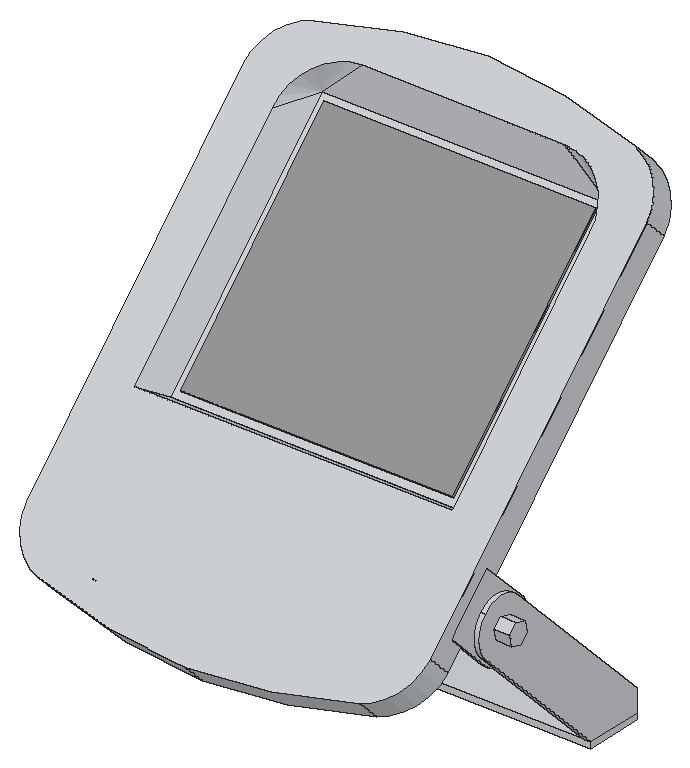
Revit family "0056714", category Generic Models, host Face, Revit 2018
Family settings
  Host = Face
  Can host rebar = No
  Round Connector Dimension = Use Diameter
  Part Type = Normal
  OmniClass Number = 23.80.70.00
  OmniClass Title = Lighting
  Cut with Voids When Loaded = No
  Shared = No
  Room Calculation Point = No
Parameters (values of type "Type Name")
  Width = 40 mm
  URL = "http://www.sylvania-lighting.com"
  Type Image = <None>
  Type Comments = "n/a"
  Material_3_SYL = none
  Model = ""
  Manufacturer = "Feilo Sylvania"
  Length = 313 mm
  Keynote = ""
  Material_2_SYL = none
  Description = ""
  Default Elevation = 1219.2 mm
  Cost = 0
  Material_1_SYL = none
  Assembly Code = ""
  Material_4_SYL = none
Reference planes
  plane 1 "Center (Front/Back)": y = 0
  plane 2: z = 0
  plane 3 "Center (Left/Right)": x = 0
  plane 4: y = 20
  plane 5: y = -20
  plane 6: x = -156.5
  plane 7: x = 156.5
  plane 8: y = 46
  plane 9: z = 200
  plane 10: through (0, -20, 4) normal (0, 0.7071, 0.7071)
  plane 11: through (0, 28.284, 12.284) normal (0, 0.7071, 0.7071)
  plane 12: z = 180
  plane 13: through (0, 7.834, 4.45) normal (0, 0.7071, 0.7071)
  plane 14: through (0, -70.356, 137.359) normal (0, -0.7071, 0.7071)
  plane 15: z = 126
  plane 16: z = 110
  plane 17: through (0, -97.716, 110) normal (0, -0.7071, 0.7071)
  plane 18: through (0, -86.18, 149.82) normal (0, -0.7071, 0.7071)
  plane 19: x = 141
  plane 20: x = -141
Forms (mm)
  Extrusion 1, solid, detail levels medium+fine
    sketch origin (0, 0, 0) x (1, 0, 0) y (0, 1, 0)
      loop
        line (-145, 20) -> (-145, -20) -> (145, -20) -> (145, 20) -> (-145, 20)
    from 0 to 4
  Extrusion 2, solid, detail levels medium+fine
    sketch origin (25.482, 1524, 1219.2) x (0, 1, 0) y (0, 0, 1)
      loop
        arc (-1607.574, -1095.058) -> (-1621.716, -1089.2) -> (-1635.858, -1095.058) r 20
        arc (-1635.858, -1095.058) -> (-1641.716, -1109.2) -> (-1635.858, -1123.342) r 20
        line (-1635.858, -1123.342) -> (-1544, -1215.2) -> (-1504, -1215.2) -> (-1504, -1198.631) -> (-1607.574, -1095.058)
    from -166.482 to -170.482
  Extrusion 3, solid, detail levels fine
    sketch origin (-37.5, 1594, 1149.2) x (0, 1, 0) y (0, 0, 1)
      loop
        line (-1686.059, -1033.543) -> (-1693.786, -1031.473) -> (-1699.443, -1037.129) -> (-1697.373, -1044.857) -> (-1689.645, -1046.927) -> (-1683.988, -1041.271) -> (-1686.059, -1033.543)
    from -119 to -107.5
  Revolve 4, solid, detail levels medium
    sketch origin (1528.249, -97.584, 1149.178) x (1, 0, 0) y (0, 0, 1)
      loop
        line (-1387.261, -1019.2) -> (-1389.823, -1019.2) -> (-1389.823, -1039.2) -> (-1387.261, -1039.2) -> (-1387.261, -1019.2)
      axis (-1389.823, -1039.2) -> (-1387.261, -1039.2)
    angle from 44.646 to 224.921
  Extrusion 5, solid, detail levels medium+fine
    sketch origin (319, 1524, 1219.2) x (0, 1, 0) y (0, 0, 1)
      loop
        arc (-1607.574, -1095.058) -> (-1621.716, -1089.2) -> (-1635.858, -1095.058) r 20
        arc (-1635.858, -1095.058) -> (-1641.716, -1109.2) -> (-1635.858, -1123.342) r 20
        line (-1635.858, -1123.342) -> (-1544, -1215.2) -> (-1504, -1215.2) -> (-1504, -1198.631) -> (-1607.574, -1095.058)
    from -178 to -174
  Extrusion 6, solid, detail levels fine
    sketch origin (286.5, 1594, 1149.2) x (0, 1, 0) y (0, 0, 1)
      loop
        line (-1686.059, -1033.543) -> (-1693.786, -1031.473) -> (-1699.443, -1037.129) -> (-1697.373, -1044.857) -> (-1689.645, -1046.927) -> (-1683.988, -1041.271) -> (-1686.059, -1033.543)
    from -141.5 to -130
  Extrusion 7, solid, detail levels coarse
    sketch origin (0, 0, 0) x (1, 0, 0) y (0, 1, 0)
      loop
        line (-156.5, 20) -> (-156.5, -117.774) -> (156.5, -117.774) -> (156.5, 20) -> (-156.5, 20)
    from 0 to 129.969
Dimensions and locks
  "Width": plane 4 to plane 5
  equal spacing: plane 4, plane 1 "Center (Front/Back)", plane 5
  "Length": plane 6 to plane 7
  equal spacing: plane 6, plane 3 "Center (Left/Right)", plane 7
  aligned and locked: plane 2 to host face
  aligned and locked: level to host face
Automatic sketch dimensions
  host sketch curve to host sketch curve = 2438.4 mm  (x2)
  Extrusion 1 sketch curve to plane 5 = 0 mm
  plane 6 to Extrusion 1 sketch curve = 11.5 mm
  Extrusion 1 sketch curve to plane 7 = 11.5 mm
  Extrusion 1 sketch curve to plane 4 = 0 mm
  Extrusion 2 sketch curve to Extrusion 2 sketch curve = 0 mm  (x2)
  Extrusion 2 sketch curve to plane 10 = 0 mm  (x2)
  Extrusion 2 sketch curve to plane 14 = 0 mm  (x2)
  Extrusion 2 sketch curve to plane 13 = 0 mm  (x2)
  Extrusion 2 sketch curve to plane 18 = 0 mm
  Extrusion 2 sketch curve to plane 5 = 0 mm
  Extrusion 2 sketch curve to plane 4 = 0 mm
  Extrusion 2 sketch curve to plane 11 = 0 mm
  Extrusion 3 sketch curve to plane 14 = 0 mm  (x2)
  plane 16 to Extrusion 3 sketch curve = 2.071 mm
  Extrusion 3 sketch curve to plane 5 = 85.443 mm
  Extrusion 3 sketch curve to plane 16 = 5.657 mm
  plane 16 to Extrusion 3 sketch curve = 7.727 mm
  Extrusion 3 sketch curve to Extrusion 3 sketch curve = 5.657 mm
  Extrusion 3 sketch curve to plane 16 = 7.727 mm
  Extrusion 3 sketch curve to Extrusion 3 sketch curve = 7.727 mm
  plane 16 to Extrusion 3 sketch curve = 5.657 mm
  Extrusion 3 sketch curve to plane 16 = 2.071 mm
  Extrusion 3 sketch curve to Extrusion 3 sketch curve = 2.071 mm
  Revolve 4 sketch curve to plane 7 = 18.074 mm
  Revolve 4 sketch curve to Revolve 4 sketch curve = 2.562 mm
  Revolve 4 sketch curve to plane 12 = 70.022 mm  (x2)
  Revolve 4 sketch curve to plane 9 = 70.022 mm
  Revolve 4 sketch curve to Revolve 4 sketch curve = 10.088 mm
  plane 7 to Revolve 4 sketch curve = 24.576 mm
  Extrusion 5 sketch curve to Extrusion 5 sketch curve = 0 mm  (x2)
  Extrusion 5 sketch curve to plane 10 = 0 mm  (x2)
  Extrusion 5 sketch curve to plane 14 = 0 mm  (x2)
  Extrusion 5 sketch curve to plane 13 = 0 mm  (x2)
  Extrusion 5 sketch curve to plane 18 = 0 mm
  Extrusion 5 sketch curve to plane 5 = 0 mm
  Extrusion 5 sketch curve to plane 4 = 0 mm
  Extrusion 5 sketch curve to plane 11 = 0 mm
  Extrusion 6 sketch curve to plane 14 = 0 mm  (x2)
  plane 16 to Extrusion 6 sketch curve = 2.071 mm
  Extrusion 6 sketch curve to plane 5 = 85.443 mm
  Extrusion 6 sketch curve to plane 16 = 5.657 mm
  plane 16 to Extrusion 6 sketch curve = 7.727 mm
  Extrusion 6 sketch curve to Extrusion 6 sketch curve = 5.657 mm
  Extrusion 6 sketch curve to plane 16 = 7.727 mm
  Extrusion 6 sketch curve to Extrusion 6 sketch curve = 7.727 mm
  plane 16 to Extrusion 6 sketch curve = 5.657 mm
  Extrusion 6 sketch curve to plane 16 = 2.071 mm
  Extrusion 6 sketch curve to Extrusion 6 sketch curve = 2.071 mm
  Extrusion 7 sketch curve to plane 6 = 0 mm
  Extrusion 7 sketch curve to plane 7 = 0 mm
  Extrusion 7 sketch curve to plane 4 = 0 mm
  Extrusion 7 sketch curve to plane 5 = 97.774 mm
Nested families
  nested 1: "0056715 head" at (0, -30.205, 178.193) x (1, 0, 0) z (0, -0.7115, 0.7027), type "0056715 KALANI IP66 21KLM 840 ASYM"
    with built-in parameter 1114216 (empty or 0)
Definition of nested family "0056715 head"
  Parameters (values of type "0056715 KALANI IP66 21KLM 840 ASYM")
    width = 282 mm
    height = 376 mm
    Wattage Comments = "n/a"
    Wattage = 9.2903 W
    built-in parameter 1150110 = 1 (stored number, unit not read)
    URL = "0.95"
    Type Image = (empty or 0)
    Type Comments = "n/a"
    built-in parameter 1114217 = 1 (stored number, unit not read)
    Tilt Angle = 90.00°
    built-in parameter 1150109 = 1 (stored number, unit not read)
    built-in parameter 1150134 = 3
    built-in parameter 1150113 = 1 (stored number, unit not read)
    Photometric Web File = "0056715.IES"
    Material_3_SYL = none
    Model = "Kalani IP66 21KLM 840 ASYM"
    Manufacturer = ""
    built-in parameter 1150105 = 109.82 (stored number, unit not read)
    Lumens = 1380 lm
    built-in parameter 1150115 = 1 (stored number, unit not read)
    built-in parameter 1150137 = (empty or 0)
    built-in parameter 1150139 = (empty or 0)
    built-in parameter 1150112 = 1 (stored number, unit not read)
    built-in parameter 1150114 = 1 (stored number, unit not read)
    Lamp = "n/a"
    Keynote = "n/a"
    Material_2_SYL = none
    built-in parameter 1150132 = (empty or 0)
    built-in parameter 1150102 = (empty or 0)
    built-in parameter 1150107 = 3200 (stored number, unit not read)
    built-in parameter 1150138 = (empty or 0)
    built-in parameter 1150106 = 1.0982 (stored number, unit not read)
    built-in parameter 1150104 = 13.8 (stored number, unit not read)
    Dimming Lamp Color Temperature Shift = (empty or 0)
    Description = "Exterior LED Floodlight, comes complete with 1000mm flying lead and adjustable bracket, aluminium housing, clear glass diffuser, IP66, IK08, Class I, 4000K, CRI80, Non-dimmable, 21900lm, 150W, 146lm/W, Asymmetrical Wide beam, 100.000hrs L70B50 lifespan, 404 x 313 x 73mm (LxWxD) dimensions, 3.7kg weight, RAL9017 Traffic Black color."
    Default Elevation = 1219.2 mm
    Cost = 0
    Color Filter = 16777215
    built-in parameter 1114216 [instance] = (empty or 0)
    Material_1_SYL = none
    built-in parameter 1114218 = 1 (stored number, unit not read)
    built-in parameter 1150133 = 10 (stored number, unit not read)
    Assembly Code = "D5020200"
    Apparent Load = 150 VA
    Material_4_SYL = none
  Reference planes
    plane 1 "Center (Front/Back)": y = 0
    plane 2: z = 0
    plane 3 "Center (Left/Right)": x = 0
    plane 4: z = -29.6
    plane 5: x = -141
    plane 6: x = 141
    plane 7: y = 188
    plane 8: y = -188
    plane 9: z = 43.4
    plane 10: x = -126
    plane 11: x = 126
    plane 12: y = 173
    plane 13: y = -173
    plane 14: y = 158
    plane 15: y = 117
    plane 16: y = 139.6
    plane 17: z = 4.4
    plane 18: y = -53
    plane 19: x = -111
    plane 20: x = 111
    plane 21: x = -100
    plane 22: x = 100
    plane 23: y = 134.6
    plane 24: y = -48
    plane 25: x = -95
    plane 26: y = -43
    plane 27: x = 95
    plane 28: y = -118
    plane 29: y = -74
    plane 30: z = -13.6
    plane 31: z = 13.6
    plane 32: y = -96
    plane 33: z = 33.4
    plane 34: z = -7.6
    plane 35: y = -111
    plane 36: y = -81
    plane 37: z = -15
  Forms (mm)
    Extrusion 1, solid
      sketch origin (4.2, 0, 0) x (1, 0, 0) y (0, 1, 0)
        loop
          line (-1219.2, 1219.2) -> (-1219.2, -1219.2) -> (1219.2, -1219.2) -> (1219.2, 1219.2) -> (-1219.2, 1219.2)
      from 0 to -68.017
    Extrusion 2, solid, detail levels medium+fine
      sketch origin (0, 0, 0) x (1, 0, 0) y (0, 1, 0)
        loop
          line (-141, 134.5) -> (-141, -133.817)
          arc (-141, -133.817) -> (-132.509, -157.027) -> (-112, -170.817) r 40
          arc (-112, -170.817) -> (-56.544, -182.758) -> (0, -187.317) r 431.297
          arc (0, -187.317) -> (56.544, -182.758) -> (112, -170.817) r 431.297
          arc (112, -170.817) -> (132.509, -157.027) -> (141, -133.817) r 40
          line (141, -133.817) -> (141, 134.5)
          arc (141, 134.5) -> (132.509, 157.71) -> (112, 171.5) r 40
          arc (112, 171.5) -> (56.544, 183.441) -> (0, 188) r 431.297
          arc (0, 188) -> (-56.544, 183.441) -> (-112, 171.5) r 431.297
          arc (-112, 171.5) -> (-132.509, 157.71) -> (-141, 134.5) r 40
      from 43.4 to 22.4
    Extrusion 3, solid, detail levels medium+fine
      sketch origin (0, 0, 0) x (1, 0, 0) y (0, 1, 0)
        loop
          line (-126, 117) -> (-126, -116.317)
          arc (-126, -116.317) -> (-115.75, -141.305) -> (-94, -157.317) r 50
          arc (-94, -157.317) -> (-47.535, -168.169) -> (0, -172.317) r 335.382
          arc (0, -172.317) -> (47.535, -168.169) -> (94, -157.317) r 335.382
          arc (94, -157.317) -> (115.75, -141.305) -> (126, -116.317) r 50
          line (126, -116.317) -> (126, 117)
          arc (126, 117) -> (115.75, 141.988) -> (94, 158) r 50
          arc (94, 158) -> (47.535, 168.852) -> (0, 173) r 335.382
          arc (0, 173) -> (-47.535, 168.852) -> (-94, 158) r 335.382
          arc (-94, 158) -> (-115.75, 141.988) -> (-126, 117) r 50
      from 22.4 to -29.6
    Extrusion 4, void
      sketch origin (319, 1524, 1219.2) x (0, 1, 0) y (0, 0, 1)
        loop
          arc (-1351, -1196.8) -> (-1366.504, -1208.02) -> (-1384.4, -1214.8) r 72.626
          arc (-1384.4, -1214.8) -> (-1511.526, -1238.071) -> (-1640.317, -1248.8) r 1320.127
          line (-1640.317, -1248.8) -> (-1351, -1248.8) -> (-1351, -1196.8)
      from -504.943 to 20
    Extrusion 5, void
      sketch origin (319, 1524, 1219.2) x (0, 1, 0) y (0, 0, 1)
        loop
          line (-1696.317, -1196.8) -> (-1698.618, -1196.8) -> (-1698.618, -1251.372) -> (-1640.317, -1251.372) -> (-1640.317, -1248.8)
          arc (-1640.317, -1248.8) -> (-1678.351, -1233.606) -> (-1696.317, -1196.8) r 56.879
      from -464.029 to -128
    Extrusion 6, void
      sketch origin (0, 0, 0) x (1, 0, 0) y (0, 0, 1)
        loop
          line (-66.181, -32.641) -> (-66.181, -29.6)
          arc (-66.181, -29.6) -> (-106.382, -15.439) -> (-126, 22.4) r 57.902
          line (-126, 22.4) -> (-129, 22.4) -> (-129, -32.641) -> (-66.181, -32.641)
      from -236.51 to 190.923
    Extrusion 7, void
      sketch origin (0, 0, 0) x (-1, 0, 0) y (0, 0, -1)
        loop
          line (-66.181, 32.641) -> (-129, 32.641) -> (-129, -22.4) -> (-126, -22.4)
          arc (-126, -22.4) -> (-106.382, 15.439) -> (-66.181, 29.6) r 57.902
          line (-66.181, 29.6) -> (-66.181, 32.641)
      from -236.51 to 190.923
    Blend 8, void
      base sketch origin (0, 0, 0) x (1, 0, 0) y (0, 1, 0)
        loop
          arc (-71, 158) -> (-99.284, 146.284) -> (-111, 118) r 40
          line (-111, 118) -> (-111, -53) -> (111, -53) -> (111, 118)
          arc (111, 118) -> (99.284, 146.284) -> (71, 158) r 40
          line (71, 158) -> (-71, 158)
      top sketch origin (0, 0, 0) x (1, 0, 0) y (0, 1, 0)
        loop
          line (-100, -48) -> (100, -48) -> (100, 139.6) -> (-100, 139.6) -> (-100, -48)
      from 43.4 to 23.4
    Extrusion 9, solid, detail levels fine
      sketch origin (0, 0, 0) x (1, 0, 0) y (0, 1, 0)
        loop
          line (-95, 134.818) -> (-95, -43) -> (95, -43) -> (95, 134.818) -> (-95, 134.818)
      from 23.4 to 25.4
    Extrusion 10, solid, detail levels medium+fine
      sketch origin (319, 1524, 1219.2) x (0, 1, 0) y (0, 0, 1)
        loop
          line (-1598, -1185.8) -> (-1642, -1185.8) -> (-1642, -1226.8)
          arc (-1642, -1226.8) -> (-1635.556, -1242.356) -> (-1620, -1248.8) r 22
          arc (-1620, -1248.8) -> (-1604.444, -1242.356) -> (-1598, -1226.8) r 22
          line (-1598, -1226.8) -> (-1598, -1185.8)
      from -178 to -180
    Extrusion 11, solid, detail levels medium+fine
      sketch origin (-319, 1524, 1219.2) x (0, 1, 0) y (0, 0, -1)
        loop
          line (-1598, 1185.8) -> (-1598, 1226.8)
          arc (-1598, 1226.8) -> (-1604.444, 1242.356) -> (-1620, 1248.8) r 22
          arc (-1620, 1248.8) -> (-1635.556, 1242.356) -> (-1642, 1226.8) r 22
          line (-1642, 1226.8) -> (-1642, 1185.8) -> (-1598, 1185.8)
      from -178 to -180
    Extrusion 12, solid
      sketch origin (319, 1524, 1219.2) x (0, 1, 0) y (0, 0, 1)
        loop
          line (-1605, -1196.8) -> (-1635, -1196.8) -> (-1635, -1219.2)
          arc (-1635, -1219.2) -> (-1630.607, -1229.807) -> (-1620, -1234.2) r 15
          arc (-1620, -1234.2) -> (-1609.393, -1229.807) -> (-1605, -1219.2) r 15
          line (-1605, -1219.2) -> (-1605, -1196.8)
      from -458 to -180
    Extrusion 13, solid, detail levels coarse
      sketch origin (0, 0, 0) x (1, 0, 0) y (0, 1, 0)
        loop
          line (-141, 188) -> (-141, -188) -> (141, -188) -> (141, 188) -> (-141, 188)
      from -29.6 to 43.4
  Cuts and joins
    Extrusion 4, Extrusion 5, Extrusion 6, Extrusion 7, Blend 8 cuts Extrusion 3
    Extrusion 6, Extrusion 7, Blend 8 cuts Extrusion 2
  Dimensions and locks
    "width": plane 5 to plane 6
    equal spacing: plane 5, plane 3 "Center (Left/Right)", plane 6
    "height": plane 7 to plane 8
    equal spacing: plane 7, plane 1 "Center (Front/Back)", plane 8
    aligned and locked: plane 2 to Extrusion 1
    aligned and locked: level to Extrusion 1
  Automatic sketch dimensions
    Extrusion 1 sketch curve to Extrusion 1 sketch curve = 2438.4 mm  (x2)
    Extrusion 2 sketch curve to plane 5 = 0 mm
    Extrusion 2 sketch curve to plane 3 "Center (Left/Right)" = 0 mm  (x2)
    Extrusion 2 sketch curve to plane 6 = 0 mm
    Extrusion 2 sketch curve to plane 7 = 0 mm
    Extrusion 2 sketch curve to plane 21 = 1.027 mm  (x2)
    Extrusion 2 sketch curve to plane 3 "Center (Left/Right)" = 6.317 mm  (x2)
    plane 3 "Center (Left/Right)" to Extrusion 2 sketch curve = 6.317 mm  (x2)
    plane 22 to Extrusion 2 sketch curve = 1.027 mm  (x2)
    Extrusion 2 sketch curve to plane 23 = 0.1 mm  (x2)
    Extrusion 2 sketch curve to plane 23 = 1.565 mm  (x2)
    plane 28 to Extrusion 2 sketch curve = 14.352 mm  (x2)
    plane 28 to Extrusion 2 sketch curve = 15.817 mm  (x2)
    Extrusion 2 sketch curve to plane 8 = 55.25 mm
    Extrusion 2 sketch curve to Extrusion 2 sketch curve = 0 mm  (x3)
    plane 7 to Extrusion 2 sketch curve = 55.933 mm
    Extrusion 3 sketch curve to plane 10 = 0 mm
    Extrusion 3 sketch curve to plane 14 = 0 mm  (x2)
    Extrusion 3 sketch curve to plane 3 "Center (Left/Right)" = 0 mm  (x2)
    Extrusion 3 sketch curve to plane 11 = 0 mm
    Extrusion 3 sketch curve to plane 15 = 0 mm  (x2)
    Extrusion 3 sketch curve to plane 12 = 0 mm
    Extrusion 3 sketch curve to plane 15 = 5.775 mm  (x2)
    Extrusion 3 sketch curve to Extrusion 3 sketch curve = 49.665 mm  (x3)
    Extrusion 3 sketch curve to plane 28 = 7.458 mm  (x2)
    plane 25 to Extrusion 3 sketch curve = 18.665 mm
    Extrusion 3 sketch curve to plane 3 "Center (Left/Right)" = 5.315 mm  (x2)
    plane 3 "Center (Left/Right)" to Extrusion 3 sketch curve = 5.315 mm  (x2)
    Extrusion 3 sketch curve to plane 28 = 1.683 mm  (x2)
    plane 14 to Extrusion 3 sketch curve = 5.022 mm  (x2)
    plane 25 to Extrusion 3 sketch curve = 1 mm
    Extrusion 4 sketch curve to plane 4 = 0 mm
    Extrusion 4 sketch curve to plane 16 = 0 mm  (x2)
    Extrusion 4 sketch curve to plane 12 = 0 mm
    Extrusion 4 sketch curve to plane 17 = 0 mm
    plane 15 to Extrusion 4 sketch curve = 6.042 mm
    Extrusion 4 sketch curve to plane 28 = 1.683 mm
    plane 13 to Extrusion 4 sketch curve = 11.616 mm
    Extrusion 5 sketch curve to plane 4 = 0 mm
    Extrusion 5 sketch curve to plane 13 = 1.618 mm
    plane 13 to Extrusion 5 sketch curve = 0.683 mm
    Extrusion 5 sketch curve to plane 28 = 1.683 mm
    Extrusion 5 sketch curve to plane 28 = 2.352 mm
    Extrusion 5 sketch curve to Extrusion 5 sketch curve = 2.572 mm
    plane 31 to Extrusion 5 sketch curve = 8.8 mm
    Extrusion 6 sketch curve to plane 10 = 0 mm
    Extrusion 6 sketch curve to plane 4 = 0 mm
    Extrusion 6 sketch curve to plane 10 = 3 mm
    Extrusion 6 sketch curve to plane 33 = 5.14 mm
    Extrusion 6 sketch curve to Extrusion 6 sketch curve = 57.605 mm
    Extrusion 6 sketch curve to plane 4 = 3.041 mm
    plane 25 to Extrusion 6 sketch curve = 28.819 mm
    Extrusion 7 sketch curve to plane 11 = 0 mm
    Extrusion 7 sketch curve to plane 4 = 0 mm
    Extrusion 7 sketch curve to plane 11 = 3 mm
    plane 33 to Extrusion 7 sketch curve = 5.14 mm
    Extrusion 7 sketch curve to Extrusion 7 sketch curve = 57.605 mm
    plane 4 to Extrusion 7 sketch curve = 3.041 mm
    plane 27 to Extrusion 7 sketch curve = 28.819 mm
    Blend 8 sketch curve to plane 18 = 0 mm
    Blend 8 sketch curve to plane 19 = 0 mm
    Blend 8 sketch curve to plane 14 = 0 mm
    Blend 8 sketch curve to plane 20 = 0 mm
    plane 15 to Blend 8 sketch curve = 1 mm
    Blend 8 sketch curve to plane 27 = 24 mm
    plane 16 to Blend 8 sketch curve = 0 mm
    Blend 8 sketch curve to plane 21 = 0 mm
    Blend 8 sketch curve to plane 22 = 0 mm
    Blend 8 sketch curve to plane 24 = 0 mm
    Extrusion 9 sketch curve to plane 25 = 0 mm
    Extrusion 9 sketch curve to plane 26 = 0 mm
    Extrusion 9 sketch curve to plane 27 = 0 mm
    plane 23 to Extrusion 9 sketch curve = 0.218 mm
    Extrusion 10 sketch curve to Extrusion 10 sketch curve = 0 mm  (x2)
    Extrusion 10 sketch curve to plane 28 = 0 mm
    Extrusion 10 sketch curve to plane 32 = 0 mm
    Extrusion 10 sketch curve to plane 4 = 0 mm
    Extrusion 10 sketch curve to plane 33 = 0 mm
    Extrusion 11 sketch curve to Extrusion 11 sketch curve = 0 mm  (x2)
    Extrusion 11 sketch curve to plane 28 = 0 mm
    Extrusion 11 sketch curve to plane 32 = 0 mm
    Extrusion 11 sketch curve to plane 33 = 0 mm
    Extrusion 11 sketch curve to plane 34 = 0 mm
    Extrusion 12 sketch curve to Extrusion 12 sketch curve = 0 mm
    Extrusion 12 sketch curve to level = 0 mm
    Extrusion 12 sketch curve to plane 32 = 0 mm
    Extrusion 12 sketch curve to plane 36 = 0 mm
    plane 31 to Extrusion 12 sketch curve = 8.8 mm
    Extrusion 13 sketch curve to plane 5 = 0 mm
    Extrusion 13 sketch curve to plane 6 = 0 mm
    Extrusion 13 sketch curve to plane 8 = 0 mm
    Extrusion 13 sketch curve to plane 7 = 0 mm
  Connectors
    electrical at (0, 0, 0), driven by "Apparent Load"
      settings: index 1, voltage 230 V, apparent load 150 VA, apparent load phase1 0 VA, apparent load phase2 0 VA, apparent load phase3 0 VA, power factor 0, load classification none, number of poles 1, system type 30, power factor state 1, is connector primary yes, connector utility no, sub classification motor no, connector description ""
